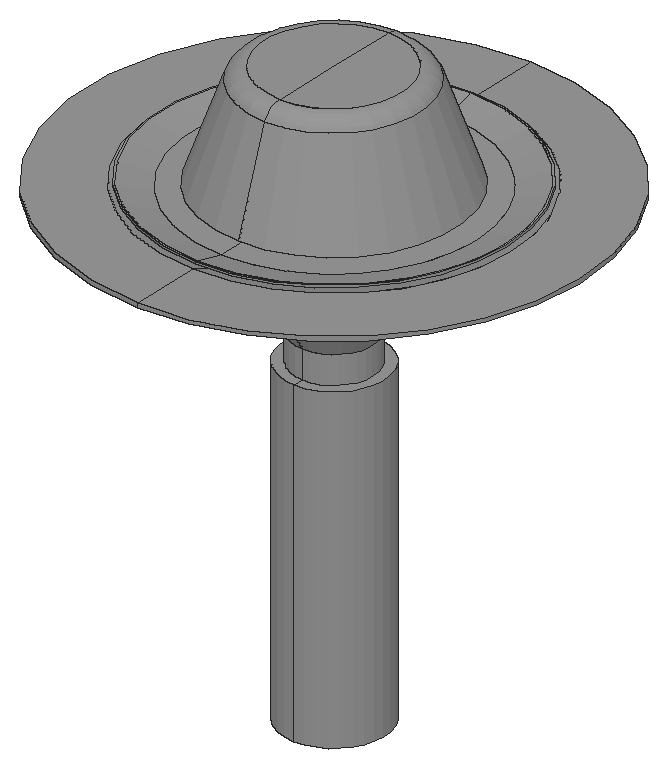
Revit family "63 T Schraubflansch", category Instalační zařizovací předměty, Revit 2016
Family settings
  Typ součásti = Normální
  Kóta kulaté spojky = Použít průměr
  Číslo OmniClass = 23.70.50.21.24.14
  Nadpis OmniClass = Deck Waste Water Drains
  Založené na pracovní rovině = Ne
  Vždy vertikální = Ano
  Ořezat dutým tvarem při načtení = Ne
  Sdílené = Ne
  Bod výpočtu místnosti = Ano
Parameters (values of type "63 T Schraubflansch.0049")
  WEIGHT = "2,22"
  Manufacturer = "Dallmer Ltd. "
  URL = "http://www.dallmer.com/en/products/datasheet.php?id=630049"
  Připojení ventilace = no
  Připojení odpadu = yes
  Připojení HW = no
  Připojení CW = no
  Popis = "Roof drains"
  NOMINAL DIAMETER = 70 mm
  Model = "63 T Schraubflansch"
  MATERIAL = "PP, TPE"
  LEGAL NOTICE = "Copyright (©), design rights or any other intellectual property rights, shall be the exclusive property of Dallmer Ltd. Modification is not allowed. Family has been watermarked."
  Komentáře k typům = "renova roof drain type 63 T clamp ring, 345 mm, DN 70"
  Keynote = "63 T Schraubflansch"
  FLOW RATE [instance] = 0.0 L/s
  Build-in height [instance] = 0 mm
  GTIN = "4001636630049"
  G [instance] = 180.00°  # constant formula
  DIMENSION = "DN 70"
  D [instance] = if(NOMINAL DIAMETER = 70 mm, 245 mm, if(NOMINAL DIAMETER = 150 mm, 245 mm, 358.8 mm)) + [Build-in height]  # 245 mm
  CAPACITY = "9,7"
  C [instance] = [Build-in height] - 68 mm  # -68 mm
  BUILD-IN HEIGHT = "300 mm"
  B [instance] = 100 mm  # constant formula
  A [instance] = if(B - 100 mm > 15 mm, B - 100 mm, 15 mm)  # 15 mm
Types (5, lengths in mm): name | WEIGHT | URL | NOMINAL DIAMETER | Komentáře k typům | GTIN | DIMENSION | D | CAPACITY
  (no name) | "2,22" | "http://www.dallmer.com/en/products/datasheet.php?id=630049" | 70 | "renova roof drain type 63 T clamp ring, 345 mm, DN 70" | "4001636630049" | "DN 70" | 245 | "9,7"
  63 T Schraubflansch.0049 | "2,22" | "http://www.dallmer.com/en/products/datasheet.php?id=630049" | 70 | "renova roof drain type 63 T clamp ring, 345 mm, DN 70" | "4001636630049" | "DN 70" | 245 | "9,7"
  63 T Schraubflansch.0063 | "2,75" | "http://www.dallmer.com/en/products/datasheet.php?id=630063" | 100 | "renova roof drain type 63 T clamp ring, 460 mm, DN 100" | "4001636630063" | "DN 100" | 358.8 | "9,6"
  63 T Schraubflansch.0087 | "2,52" | "http://www.dallmer.com/en/products/datasheet.php?id=630087" | 125 | "renova roof drain type 63 T clamp ring, 460 mm, DN 125" | "4001636630087" | "DN 125" | 358.8 | "14,2"
  63 T Schraubflansch.0094 | "2,86" | "http://www.dallmer.com/en/products/datasheet.php?id=630094" | 150 | "renova roof drain type 63 T clamp ring, 345 mm, DN 150" | "4001636630094" | "DN 150" | 245 | "15"
Reference planes
  plane 1 "Center (Front/Back)": y = 0
  plane 2: z = 0
  plane 3 "Center (Left/Right)": x = 0
  plane 4: z = -100
  plane 5: z = 0
Lines and regions (mm)
  model lines, style "InvisibleLines"
    curve 1: line (0, 0, 0) -> (0, 0, 20)
  model lines, style "PlumbingFixtures", detail levels coarse+medium
    curve 2: line (0, 0, -100) -> (0, 0, -85)
    curve 3: line (0, 0, -85) -> (-85, 0, 0)
    curve 4: line (0, 0, -85) -> (85, 0, 0)
    curve 6: line (0, 0, -100) -> (0, 0, -345)
  reference lines, not visible
    curve 5: line (0, 0, -100) -> (0, 0, -345)
  symbolic lines, style "PlumbingFixtures", detail levels coarse+medium
    curve 7: line (-75, 75, 0) -> (75, 75, 0)
    curve 8: line (-75, -75, 0) -> (-75, 75, 0)
    curve 9: line (75, -75, 0) -> (-75, -75, 0)
    curve 10: line (75, 75, 0) -> (75, -75, 0)
    curve 11: line (-75, 75, 0) -> (-145.711, 145.711, 0)
    curve 12: line (75, 75, 0) -> (145.711, 145.711, 0)
    curve 13: line (-75, -75, 0) -> (-145.711, -145.711, 0)
    curve 14: line (75, -75, 0) -> (145.711, -145.711, 0)
  symbolic lines, style "PlumbingFixtures", not visible, detail levels coarse+medium
    curve 15: line (-75, 75, 0) -> (75, 75, 0)
    curve 16: line (-75, -75, 0) -> (-75, 75, 0)
    curve 17: line (75, -75, 0) -> (-75, -75, 0)
    curve 18: line (75, 75, 0) -> (75, -75, 0)
    curve 19: line (-75, 75, 0) -> (-145.711, 145.711, 0)
    curve 20: line (75, 75, 0) -> (145.711, 145.711, 0)
    curve 21: line (-75, -75, 0) -> (-145.711, -145.711, 0)
    curve 22: line (75, -75, 0) -> (145.711, -145.711, 0)
Text (mm)
  text "FLOOR" at (-162.344, 0, -10.979), in view "Drain Construction View"
Dimensions and locks
  "B": plane 2 to plane 4
  "Build-in height": plane 2 to plane 5
  "A": curve 4 to plane 4
  "D": curve 5 to curve 5
  "D": curve 6 to curve 6
  locked: curve 4 to plane 3 "Center (Left/Right)" (angle 45.00°)
  locked: plane 3 "Center (Left/Right)" to curve 3 (angle 45.00°)
  "G": angle curve 5 to plane 3 "Center (Left/Right)"
  aligned and locked: level to plane 2
  aligned and locked: plane 2 to curve 4
  aligned and locked: plane 2 to curve 3
  aligned and locked: plane 4 to curve 5
  aligned and locked: plane 3 "Center (Left/Right)" to curve 5
  aligned and locked: plane 4 to curve 2
  aligned and locked: curve 6 to plane 3 "Center (Left/Right)"
  aligned and locked: curve 6 to plane 4
  aligned and locked: plane 2 to nested 1
  aligned and locked: plane 3 "Center (Left/Right)" to nested 1
  aligned and locked: plane 5 to nested 2
  aligned and locked: nested 2 to plane 3 "Center (Left/Right)"
Automatic sketch dimensions
  curve 2 to plane 3 "Center (Left/Right)" = 0 mm
  curve 1 to plane 3 "Center (Left/Right)" = 0 mm
  curve 1 to level = 0 mm
  level to curve 1 = 20 mm
Nested families
  nested 1: "D_domed grating-gravel guard_620996S" at (0, 0, 0), type "D_domed grating-gravel guard_620996S"
  nested 2: "D_Roof drain body_6300" at (0, 0, 0), NOMINAL DIAMETER <- "NOMINAL DIAMETER", type "D_Roof drain body_6300"
    with NOMINAL DIAMETER 70 mm, D 75 mm, C no, B yes, A no
Connectors
  piping at (0, 0, -345), diameter 70, driven by "FLOW RATE", driven by "NOMINAL DIAMETER"
    settings: on curve 5, index 1, connector inside diameter 609.6 mm, connector length 0 mm, flow factor 0, pipe flow 0.0 L/s, pressure drop 0.0 Pa, fitting loss kfactor 0, connector angle 0.00°, fixture units 0, engagement length 0 mm, angle of deflection 0.00°, flow configuration 1, flow direction 2, fitting loss method 0, system type 16, joint type 0, gender type 0, connector reference index -1, connector utility 0, adjustable connector yes, is connector primary yes, connector description ""
Definition of nested family "D_domed grating-gravel guard_620996S"
  Parameters (values of type "D_domed grating-gravel guard_620996S")
    WEIGHT = "0,01"
    Manufacturer = "Dallmer Ltd. "
    URL = "http://www.dallmer.com/en/products/datasheet.php?id=620996"
    Description = "Roof drains"
    Model = "D_Grate_620996S"
    MATERIAL = "PP"
    LEGAL NOTICE = "Copyright (©), design rights or any other intellectual property rights, shall be the exclusive property of Dallmer Ltd. Modification is not allowed. Family has been watermarked."
    Type Comments = "domed grating/gravel guard S 15, d: 170 mm"
    Keynote = "D_Grate_620996S"
    GTIN = "4001636620996"
    GRATE = "d: 170 mm"
    Cost = 0
  Reference planes
    plane 1 "Střed (vpředu/vzadu)": y = 0
    plane 2: z = 0
    plane 3 "Střed (vlevo/vpravo)": x = 0
  Forms (mm)
    Revolve 1, solid, detail levels fine
      sketch origin (0, 0, 0) x (0, 1, 0) y (0, 0, 1)
        loop
          line (0, 75) -> (0, 60.2) -> (47.074, 60.2) -> (68.985, 0) -> (86.249, 0) -> (61.992, 66.646)
          arc (61.992, 66.646) -> (56.733, 72.731) -> (49.016, 75) r 14.255
          line (49.016, 75) -> (0, 75)
        axis (0, 75) -> (0, 0)
      angle from 0 to 360
    Extrusion 2, solid, detail levels fine
      sketch origin (0, 0, 0) x (0, 1, 0) y (1, 0, 0)
        loop
          circle (0, 0) r 78.587
        loop
          circle (0, 0) r 70.981
      from 0 to 16.7
    Extrusion 3, solid, detail levels fine
      sketch origin (0, 0, -16.7) x (-1, 0, 0) y (0, 1, 0)
        loop
          circle (0, 0) r 70
        loop
          circle (0, 0) r 74.546
      from 0 to 12.3
  Dimensions and locks
    aligned and locked: level to plane 2
Definition of nested family "D_Roof drain body_6300"
  Parameters (values of type "D_Roof drain body_6300")
    Manufacturer = ""
    URL = ""
    Description = ""
    NOMINAL DIAMETER [instance] = 150 mm
    Model = ""
    Type Comments = ""
    D [instance] = if(NOMINAL DIAMETER = 70 mm, 75 mm, if(NOMINAL DIAMETER = 100 mm, 110 mm, if(NOMINAL DIAMETER = 125 mm, 125 mm, if(NOMINAL DIAMETER = 150 mm, 160 mm, 0 mm))))  # 160 mm
    Cost = 0
    C [instance] = if(D = 160 mm, (1 = 1), 0 = 1)  # yes
    B [instance] = if(D = 75 mm, (1 = 1), 0 = 1)  # no
    A [instance] = if(or(D = 125 mm, D = 110 mm), (1 = 1), 0 = 1)  # no
  Reference planes
    plane 1 "Střed (vpředu/vzadu)": y = 0
    plane 2: z = 0
    plane 3 "Střed (vlevo/vpravo)": x = 0
  Forms (mm)
    Revolve 1, solid, detail levels fine
      sketch origin (0, 0, 0) x (0, 1, 0) y (0, 0, 1)
        loop
          line (0, -44) -> (80.91, -44) -> (80.91, -36.232) -> (101.88, -36.232) -> (101.88, -9.83) -> (77.75, -25.5) -> (77.75, -41) -> (0, -41) -> (0, -44)
        axis (0, -9.83) -> (0, -44)
      angle from 0 to 360
    Revolve 2, solid, detail levels fine
      sketch origin (0, 0, 0) x (0, 1, 0) y (0, 0, 1)
        loop
          line (124.573, 3.426) -> (123.3, 3.426) -> (101.8, -1.8) -> (79.003, -1.8) -> (79.003, -22.781) -> (74.487, -22.781) -> (74.487, -28.8) -> (75.498, -28.8) -> (75.498, -23.8) -> (80.006, -23.8) -> (80.006, -3) -> (101.756, -3) -> (124.573, 2.058) -> (124.573, 3.426)
        axis (0, 3.426) -> (0, -28.8)
      angle from 0 to 360
    Revolve 3, solid, detail levels fine
      sketch origin (0, 0, 0) x (0, 1, 0) y (0, 0, 1)
        loop
          line (177, -3) -> (177, 0) -> (127.563, 0) -> (101.88, -9.83) -> (101.88, -13.425) -> (130.522, -3) -> (177, -3)
        axis (0, 0) -> (0, -13.425)
      angle from 0 to 360
    Revolve 4, solid, visible <- "A", detail levels fine
      sketch origin (0, -420, 0) x (0, 1, 0) y (0, 0, 1)
        loop
          line (483.14, -99) -> (483.14, -61.957) -> (493.507, -44) -> (420, -44) -> (420, -99) -> (483.14, -99)
        axis (420, -44) -> (420, -99)
      angle from 0 to 360
    Extrusion 5, solid, visible <- "A", detail levels fine
      sketch origin (0, 0, -99) x (0, 1, 0) y (1, 0, 0)
        loop
          circle (0, 0) r 44.902
      from 0 to 50
    Extrusion 6, solid, visible <- "A", detail levels fine
      sketch origin (0, 0, -149) x (-1, 0, 0) y (0, 1, 0)
        loop
          circle (0, 0) r 75
      from 0 to 309.811
    Revolve 7, solid, visible <- "B", detail levels fine
      sketch origin (0, 0, 0) x (0, 1, 0) y (0, 0, 1)
        loop
          line (28.14, -95.1) -> (62.41, -44) -> (0, -44) -> (0, -345) -> (35.84, -345) -> (35.84, -115.1) -> (28.14, -115.1) -> (28.14, -95.1)
        axis (0, -44) -> (0, -345)
      angle from 0 to 360
    Revolve 8, solid, visible <- "C", detail levels fine
      sketch origin (0, 0, 0) x (0, 1, 0) y (0, 0, 1)
        loop
          line (73.507, -44) -> (0, -44) -> (0, -345) -> (81.007, -345) -> (81.007, -106.5) -> (63.507, -106.5) -> (63.507, -66) -> (73.507, -66) -> (73.507, -44)
        axis (0, -44) -> (0, -345)
      angle from 0 to 360
  Dimensions and locks
    "NOMINAL DIAMETER": diameter of Extrusion 6 sketch curve
    aligned and locked: level to plane 2
  Automatic sketch dimensions
    Revolve 1 sketch curve to plane 1 "Střed (vpředu/vzadu)" = 0 mm  (x2)
    Revolve 1 sketch curve to plane 1 "Střed (vpředu/vzadu)" = 77.75 mm
    Revolve 1 sketch curve to Revolve 1 sketch curve = 3.16 mm
    Revolve 1 sketch curve to level = 9.83 mm
    Revolve 1 sketch curve to Revolve 1 sketch curve = 24.13 mm
    Revolve 1 sketch curve to level = 25.5 mm
    Revolve 1 sketch curve to Revolve 1 sketch curve = 10.732 mm
    Revolve 1 sketch curve to level = 41 mm
    Revolve 1 sketch curve to Revolve 1 sketch curve = 3 mm
    level to Revolve 1 sketch curve = 139.054 mm
    Revolve 1 sketch curve to Revolve 1 sketch curve = 80 mm
    Revolve 2 sketch curve to plane 1 "Střed (vpředu/vzadu)" = 0 mm
    Revolve 2 sketch curve to level = 22.781 mm
    Revolve 2 sketch curve to plane 1 "Střed (vpředu/vzadu)" = 74.487 mm
    Revolve 2 sketch curve to Revolve 2 sketch curve = 1.012 mm
    Revolve 2 sketch curve to Revolve 2 sketch curve = 3.505 mm
    Revolve 2 sketch curve to Revolve 2 sketch curve = 1.003 mm
    Revolve 2 sketch curve to level = 3 mm
    Revolve 2 sketch curve to Revolve 2 sketch curve = 21.75 mm
    Revolve 2 sketch curve to Revolve 2 sketch curve = 0.044 mm
    level to Revolve 2 sketch curve = 3.426 mm
    Revolve 2 sketch curve to Revolve 2 sketch curve = 21.5 mm
    Revolve 2 sketch curve to Revolve 2 sketch curve = 1.273 mm
    Revolve 2 sketch curve to Revolve 2 sketch curve = 1.019 mm
    Revolve 2 sketch curve to Revolve 2 sketch curve = 5 mm
    Revolve 2 sketch curve to Revolve 2 sketch curve = 1.2 mm
    Revolve 2 sketch curve to Revolve 2 sketch curve = 1.368 mm
    level to Revolve 2 sketch curve = 30.586 mm
    Revolve 2 sketch curve to Revolve 2 sketch curve = 22.614 mm
    Revolve 3 sketch curve to plane 1 "Střed (vpředu/vzadu)" = 0 mm
    level to Revolve 3 sketch curve = 0 mm
    Revolve 3 sketch curve to level = 13.425 mm
    Revolve 3 sketch curve to plane 1 "Střed (vpředu/vzadu)" = 101.88 mm
    Revolve 3 sketch curve to Revolve 3 sketch curve = 25.683 mm
    Revolve 3 sketch curve to level = 3 mm
    Revolve 3 sketch curve to Revolve 3 sketch curve = 2.96 mm
    Revolve 3 sketch curve to Revolve 3 sketch curve = 46.478 mm
    Revolve 3 sketch curve to Revolve 3 sketch curve = 3.595 mm
    level to Revolve 3 sketch curve = 51.784 mm
    Revolve 3 sketch curve to Revolve 3 sketch curve = 30 mm
    Revolve 4 sketch curve to plane 1 "Střed (vpředu/vzadu)" = 0 mm  (x2)
    Revolve 4 sketch curve to plane 1 "Střed (vpředu/vzadu)" = 63.14 mm
    Revolve 4 sketch curve to Revolve 4 sketch curve = 10.367 mm
    Revolve 4 sketch curve to level = 99 mm
    Revolve 4 sketch curve to Revolve 4 sketch curve = 37.043 mm
    Revolve 4 sketch curve to level = 44 mm
    level to Revolve 4 sketch curve = 139.054 mm
    Revolve 4 sketch curve to Revolve 4 sketch curve = 80 mm
    Revolve 7 sketch curve to plane 1 "Střed (vpředu/vzadu)" = 0 mm
    Revolve 7 sketch curve to plane 1 "Střed (vpředu/vzadu)" = 28.14 mm
    Revolve 7 sketch curve to plane 1 "Střed (vpředu/vzadu)" = 35.84 mm
    Revolve 7 sketch curve to Revolve 7 sketch curve = 34.27 mm
    Revolve 7 sketch curve to level = 345 mm
    Revolve 7 sketch curve to level = 115.1 mm
    Revolve 7 sketch curve to Revolve 7 sketch curve = 20 mm
    Revolve 7 sketch curve to level = 44 mm
    Revolve 8 sketch curve to plane 1 "Střed (vpředu/vzadu)" = 0 mm
    Revolve 8 sketch curve to plane 1 "Střed (vpředu/vzadu)" = 63.507 mm
    Revolve 8 sketch curve to Revolve 8 sketch curve = 10 mm
    Revolve 8 sketch curve to plane 1 "Střed (vpředu/vzadu)" = 81.007 mm
    Revolve 8 sketch curve to level = 345 mm
    Revolve 8 sketch curve to Revolve 8 sketch curve = 40.5 mm
    Revolve 8 sketch curve to Revolve 8 sketch curve = 22 mm
    Revolve 8 sketch curve to level = 44 mm
    radius of Extrusion 5 sketch curve to Revolve 4 = 18.238 mm
